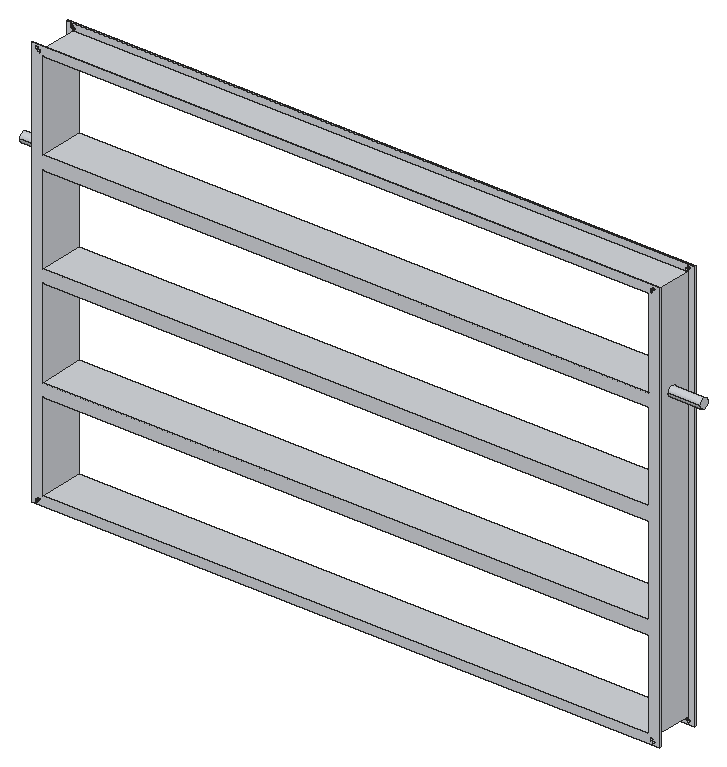
Revit family "21. Утепленная заслонка ANR K1U", category Оборудование, Revit 2016
Family settings
  Тип детали = Нормальный
  Размер круглого соединителя = Использовать диаметр
  На основе рабочей плоскости = Нет
  Всегда вертикально = Да
  При загрузке вырезать с полостями = Нет
  Общий = Нет
  Точка расчета площади = Нет
Parameters (values of type "ANR 35P2")
  №8 = no
  №7 = no
  №6 = no
  №35 = yes
  №30 = no
  №25 = no
  №20 = no
  №12 = no
  р = размер В * 0.258  # 387 mm
  пл = размер В / 10  # 150 mm
  Ширина лопатки = размер В * 0.225  # 337.5 mm
  Ширина = 2075 mm
  Середина = В1 / 2  # 782 mm
  Мощность, кВт = 12.8 W
  Д = 172 mm  # constant formula
  ножки(да/нет) [instance] = no
  Высота = 2410 mm
  В3 = размер В + 42 mm  # 1542 mm
  В2 = размер В + 26 mm  # 1526 mm
  Б2 = размер В - 60 mm  # 1440 mm
  В1 = размер В + 64 mm  # 1564 mm
  А3 = А + 42 mm  # 2342 mm
  А2 = А + 26 mm  # 2326 mm
  А1 = А + 84 mm  # 2384 mm
  А = 2300 mm
  размер В = 1500 mm
  Частотный преобразователь [instance] = no
  Частота вращения n, об/мин = ""
  Тип, марка, обозначение = "ANR 35P2"
  Сила тока J, А = ""
  Регулятор расхода [instance] = no
  Раздел = "ОВ"
  Примечание = ""
  Позиция = ""
  Напряжение U,В = "3-380"
  Наименование и тех.хар-ка = "Утепленная заслонка вертикальная"  # constant formula
  Материал = Сталь серая
  Масса единицы = ""
  Код, оборудования = ""
  Ключевая пометка = "Вентиляция"
  Задание электрикам [instance] = no
  Задание автоматчикам [instance] = no
  Завод изготовитель = "KORF"  # constant formula
  Единица измерения = "шт."  # constant formula
  d = А * 0.0154  # 35.42 mm
Reference planes
  plane 1 "По центру (Вперед/Назад)": y = 0
  plane 2: z = 0
  plane 3 "По центру (Влево/Вправо)": x = 0
  plane 4: x = -1192
  plane 5: x = 1192
  plane 6: y = 86
  plane 7: y = -86
  plane 8: z = 1564
  plane 9: z = 782
  plane 10: z = 1532
  plane 11: z = 32
  plane 12: x = -1150
  plane 13: x = 1150
  plane 14: x = -1163
  plane 15: x = 1163
  plane 16: z = 1545
  plane 17: z = 19
  plane 18: x = -1171
  plane 19: x = 1171
  plane 20: z = 1553
  plane 21: z = 11
  plane 22: x = 1292
  plane 23: x = -1292
  plane 24: z = 1169
  plane 25: z = 1145
  plane 26: z = 758
  plane 27: z = 371
Forms (mm)
  Extrusion 1, void, not visible
    sketch origin (-345, -245, 50) x (0, -1, 0) y (0, 0, -1)
      loop
        line (-477.965, -475) -> (-477.965, -450) -> (-528.913, -450) -> (-528.913, -475) -> (-477.965, -475)
    from -47.452 to 12
  Extrusion 2, solid, detail levels fine
    sketch origin (0, 0, 0) x (1, 0, 0) y (0, 1, 0)
      loop
        line (-1192, 86) -> (-1192, -86) -> (1192, -86) -> (1192, 86) -> (-1192, 86)
    from 0 to 1564
  Extrusion 3, void
    sketch origin (0, 0, 0) x (1, 0, 0) y (0, 0, 1)
      loop
        circle (-1163, 1545) r 6
      loop
        circle (1163, 1545) r 6
      loop
        circle (1163, 19) r 6
      loop
        circle (-1163, 19) r 6
    from -86 to 86
  Sweep 4, void, detail levels fine
    path in 3D
      loop
        line (1192, -86, 1564) -> (1192, -86, 0) -> (-1192, -86, 0) -> (-1192, -86, 1564) -> (1192, -86, 1564)
    profile origin (0, -86, 1564) x (0, 1, 0) y (0, 0, 1)
      loop
        line (5.122, 0) -> (5.122, -25) -> (166.372, -25) -> (166.372, 0) -> (5.122, 0)
  Extrusion 5, void
    sketch origin (0, 0, 0) x (1, 0, 0) y (0, 0, 1)
      loop
        circle (1171, 11) r 6
      loop
        circle (1171, 1553) r 6
      loop
        circle (-1171, 1553) r 6
      loop
        circle (-1171, 11) r 6
    from -86 to 86
  Extrusion 6, solid, detail levels fine
    sketch origin (0, 0, 0) x (0, 1, 0) y (0, 0, 1)
      loop
        circle (0, 1169) r 17.71
    from -1292 to 1292
  Extrusion 7, void
    sketch origin (0, 0, 102.344) x (1, 0, 0) y (0, 0, 1)
      loop
        line (-1150, 1429.656) -> (-1150, 1092.156) -> (1150, 1092.156) -> (1150, 1429.656) -> (-1150, 1429.656)
    from -86 to 86
  Extrusion 8, void
    sketch origin (0.2, 0, -21.606) x (1, 0, 0) y (0, 0, 1)
      loop
        line (-1150, 1166.606) -> (-1150, 829.106) -> (1150, 829.106) -> (1150, 1166.606) -> (-1150, 1166.606)
    from -86 to 86
  Extrusion 9, void
    sketch origin (0.4, 0, -147.744) x (1, 0, 0) y (0, 0, 1)
      loop
        line (-1150, 905.744) -> (-1150, 568.244) -> (1150, 568.244) -> (1150, 905.744) -> (-1150, 905.744)
    from -86 to 86
  Extrusion 10, void
    sketch origin (0.6, 0, -277.475) x (1, 0, 0) y (0, 0, 1)
      loop
        line (-1150, 648.475) -> (-1150, 310.975) -> (1150, 310.975) -> (1150, 648.475) -> (-1150, 648.475)
    from -86 to 86
Cuts and joins
  Extrusion 3, Sweep 4, Extrusion 5, Extrusion 7, Extrusion 8, Extrusion 9, Extrusion 10 cuts Extrusion 2
  Extrusion 7, Extrusion 8, Extrusion 9, Extrusion 10 cuts Extrusion 6
  joined: Extrusion 2, Extrusion 6
Lines and regions (mm)
  sketch lines
    curve 1: line (-1192, -86, 1564) -> (1192, -86, 1564)
    curve 2: line (1192, -86, 1564) -> (1192, -86, 0)
    curve 3: line (1192, -86, 0) -> (-1192, -86, 0)
    curve 4: line (-1192, -86, 1564) -> (-1192, -86, 0)
  model lines, detail levels coarse
    curve 5: line (-1192, 86, 0) -> (1192, 86, 0)
    curve 6: line (-1192, -86, 0) -> (-1192, 86, 0)
    curve 7: line (1192, -86, 0) -> (-1192, -86, 0)
    curve 8: line (1192, 86, 0) -> (1192, -86, 0)
    curve 9: circle (0, 0, 0) r 45 normal (0, 0, 1)
    curve 10: line (53.033, 53.033, 0) -> (-56.569, -56.569, 0)
    curve 11: circle (-200, 0, 0) r 45 normal (0, 0, 1)
    curve 12: line (-146.967, 53.033, 0) -> (-256.569, -56.569, 0)
    curve 13: circle (-400, 0, 0) r 45 normal (0, 0, 1)
    curve 14: line (-346.967, 53.033, 0) -> (-456.569, -56.569, 0)
    curve 15: circle (200, 0, 0) r 45 normal (0, 0, 1)
    curve 16: line (253.033, 53.033, 0) -> (143.431, -56.569, 0)
    curve 17: circle (400, 0, 0) r 45 normal (0, 0, 1)
    curve 18: line (453.033, 53.033, 0) -> (343.431, -56.569, 0)
  model lines, not visible, detail levels coarse
    curve 19: circle (0, 0, 0) r 45 normal (0, 0, 1)
    curve 20: line (53.033, 53.033, 0) -> (-56.569, -56.569, 0)
    curve 21: circle (-200, 0, 0) r 45 normal (0, 0, 1)
    curve 22: line (-146.967, 53.033, 0) -> (-256.569, -56.569, 0)
    curve 23: circle (-400, 0, 0) r 45 normal (0, 0, 1)
    curve 24: line (-346.967, 53.033, 0) -> (-456.569, -56.569, 0)
    curve 25: circle (200, 0, 0) r 45 normal (0, 0, 1)
    curve 26: line (253.033, 53.033, 0) -> (143.431, -56.569, 0)
    curve 27: circle (400, 0, 0) r 45 normal (0, 0, 1)
    curve 28: line (453.033, 53.033, 0) -> (343.431, -56.569, 0)
Dimensions and locks
  equal spacing: plane 4, plane 3 "По центру (Влево/Вправо)", plane 5
  "А1": plane 4 to plane 5
  equal spacing: plane 6, plane 1 "По центру (Вперед/Назад)", plane 7
  "Д": plane 6 to plane 7
  "В1": plane 8 to level
  "Середина": plane 9 to level
  equal spacing: plane 10, plane 9, plane 11
  "размер В": plane 10 to plane 11
  equal spacing: plane 13, plane 3 "По центру (Влево/Вправо)", plane 12
  "А": plane 13 to plane 12
  equal spacing: plane 16, plane 9, plane 17
  "В2": plane 16 to plane 17
  equal spacing: plane 15, plane 3 "По центру (Влево/Вправо)", plane 14
  "А2": plane 15 to plane 14
  equal spacing: plane 19, plane 3 "По центру (Влево/Вправо)", plane 18
  "А3": plane 19 to plane 18
  equal spacing: plane 20, plane 9, plane 21
  "В3": plane 20 to plane 21
  locked: plane 22 to plane 5 at 100
  locked: plane 4 to plane 23 at 100
  "р": plane 24 to plane 9
  "Ширина лопатки": Extrusion 7 sketch curve to Extrusion 7 sketch curve
  "Ширина лопатки": Extrusion 8 sketch curve to Extrusion 8 sketch curve
  "Ширина лопатки": Extrusion 9 sketch curve to Extrusion 9 sketch curve
  "Ширина лопатки": Extrusion 10 sketch curve to Extrusion 10 sketch curve
  "р": plane 10 to plane 25
  "р": plane 25 to plane 26
  "р": plane 26 to plane 27
  plane 8 to level = 1564 mm
  "d": diameter of Extrusion 6 sketch curve
  aligned and locked: level to plane 2
  aligned and locked: plane 6 to Extrusion 2
  aligned and locked: Extrusion 2 to plane 7
  aligned and locked: Extrusion 2 to plane 4
  aligned and locked: plane 5 to Extrusion 2
  aligned and locked: Extrusion 2 to plane 8
  aligned and locked: cut or joined group 1 (Extrusion 2, Extrusion 3, Sweep 4, Extrusion 5, Extrusion 6, Extrusion 7, Extrusion 8, Extrusion 9, Extrusion 10) to plane 7  (x3)
  aligned and locked: plane 6 to cut or joined group 1  (x3)
  aligned and locked: Extrusion 5 to plane 7
  aligned and locked: plane 6 to Extrusion 5
  aligned and locked: plane 22 to Extrusion 6
  aligned and locked: Extrusion 6 to plane 23
  aligned and locked: cut or joined group 1 to plane 10
  aligned and locked: cut or joined group 1 to plane 12
  aligned and locked: plane 13 to cut or joined group 1
  aligned and locked: cut or joined group 1 to plane 26
  aligned and locked: cut or joined group 1 to plane 25
  aligned and locked: cut or joined group 1 to plane 27
  aligned and locked: curve 5 to cut or joined group 1
  aligned and locked: curve 6 to cut or joined group 1
  aligned and locked: curve 7 to cut or joined group 1
  aligned and locked: curve 8 to cut or joined group 1
  aligned and locked: plane 7 to nested 2
  aligned and locked: level to nested 2
  aligned and locked: plane 7 to nested 3
  aligned and locked: level to nested 3
  aligned and locked: plane 3 "По центру (Влево/Вправо)" to nested 3
  aligned and locked: plane 3 "По центру (Влево/Вправо)" to nested 2
  aligned and locked: plane 7 to nested 4
  aligned and locked: level to nested 4
  aligned and locked: plane 3 "По центру (Влево/Вправо)" to nested 4
  aligned and locked: plane 7 to nested 5
  aligned and locked: level to nested 5
  aligned and locked: plane 3 "По центру (Влево/Вправо)" to nested 5
  aligned and locked: plane 7 to nested 6
  aligned and locked: level to nested 6
  aligned and locked: plane 3 "По центру (Влево/Вправо)" to nested 6
  aligned and locked: plane 7 to nested 7
  aligned and locked: level to nested 7
  aligned and locked: plane 3 "По центру (Влево/Вправо)" to nested 7
  aligned and locked: plane 7 to nested 8
  aligned and locked: level to nested 8
  aligned and locked: plane 7 to nested 9
  aligned and locked: level to nested 9
  aligned and locked: plane 3 "По центру (Влево/Вправо)" to nested 9
  aligned and locked: plane 3 "По центру (Влево/Вправо)" to nested 8
Automatic sketch dimensions
  Extrusion 1 sketch curve to Extrusion 1 sketch curve = 50.949 mm
  Extrusion 1 sketch curve to Extrusion 1 sketch curve = 25 mm
  Extrusion 3 sketch curve to plane 14 = 0 mm  (x2)
  Extrusion 3 sketch curve to plane 15 = 0 mm  (x2)
  Extrusion 3 sketch curve to plane 17 = 0 mm  (x2)
  Extrusion 3 sketch curve to plane 16 = 0 mm  (x2)
  Extrusion 5 sketch curve to plane 18 = 0 mm  (x2)
  Extrusion 5 sketch curve to plane 19 = 0 mm  (x2)
  Extrusion 5 sketch curve to plane 21 = 0 mm  (x2)
  Extrusion 5 sketch curve to plane 20 = 0 mm  (x2)
  Extrusion 2 sketch curve to plane 4 = 0 mm
  Extrusion 2 sketch curve to plane 5 = 0 mm
  Extrusion 2 sketch curve to plane 7 = 0 mm
  Extrusion 2 sketch curve to plane 6 = 0 mm
  Sweep 4 sketch curve to profile plane = 0 mm
  Sweep 4 sketch curve to profile plane = 5.122 mm
  Sweep 4 sketch curve to profile plane = 25 mm
  Sweep 4 sketch curve to Sweep 4 sketch curve = 161.25 mm
  Extrusion 6 sketch curve to plane 1 "По центру (Вперед/Назад)" = 0 mm
  Extrusion 6 sketch curve to plane 24 = 0 mm
  Extrusion 7 sketch curve to plane 12 = 0 mm
  Extrusion 7 sketch curve to plane 13 = 0 mm
  Extrusion 7 sketch curve to plane 10 = 0 mm
  Extrusion 8 sketch curve to plane 25 = 0 mm
  plane 12 to Extrusion 8 sketch curve = 0.2 mm
  plane 13 to Extrusion 8 sketch curve = 0.2 mm
  Extrusion 9 sketch curve to plane 26 = 0 mm
  plane 12 to Extrusion 9 sketch curve = 0.4 mm
  plane 13 to Extrusion 9 sketch curve = 0.4 mm
  Extrusion 10 sketch curve to plane 27 = 0 mm
  plane 12 to Extrusion 10 sketch curve = 0.6 mm
  plane 13 to Extrusion 10 sketch curve = 0.6 mm
  radius of Extrusion 3 sketch curve = 6 mm  (x4)
  radius of Extrusion 5 sketch curve = 6 mm  (x4)
Nested families
  nested 1: "крепление 15мм" at (-330, 229.965, 495), type "крепление 15мм", not visible
  nested 2: "УГО заслонка №6 (разрез)" at (0, 0, 0) x (0, 1, 0) z (0, 0, 1), visible <- "№6", высота <- "В1", длина <- "Д", type "УГО заслонка №6 (разрез)", detail levels medium
    with длина 172 mm, высота 1564 mm, Ширина 0 mm
  nested 3: "УГО заслонка №7 (разрез)" at (0, 0, 0) x (0, 1, 0) z (0, 0, 1), visible <- "№7", высота <- "В1", длина <- "Д", type "УГО заслонка №7 (разрез)", detail levels medium
    with длина 172 mm, высота 1564 mm, Ширина 0 mm
  nested 4: "УГО заслонка №8 (разрез)" at (0, 0, 0) x (0, 1, 0) z (0, 0, 1), visible <- "№8", высота <- "В1", длина <- "Д", type "УГО заслонка №8 (разрез)", detail levels medium
    with длина 172 mm, высота 1564 mm, Ширина 0 mm
  nested 5: "УГО заслонка №12 (разрез)" at (0, 0, 0) x (0, 1, 0) z (0, 0, 1), visible <- "№12", высота <- "В1", длина <- "Д", type "УГО заслонка №12 (разрез)", detail levels medium
    with длина 172 mm, высота 1564 mm, Ширина 0 mm
  nested 6: "УГО заслонка №20 (разрез)" at (0, 0, 0) x (0, 1, 0) z (0, 0, 1), visible <- "№20", высота <- "В1", длина <- "Д", type "УГО заслонка №20 (разрез)", detail levels medium
    with длина 172 mm, высота 1564 mm, Ширина 0 mm
  nested 7: "УГО заслонка №25 (разрез)" at (0, 0, 0) x (0, 1, 0) z (0, 0, 1), длина <- "Д", высота <- "В1", visible <- "№25", type "УГО заслонка №25 (разрез)", detail levels medium
    with длина 172 mm, высота 1564 mm, Ширина 0 mm
  nested 8: "УГО заслонка №30 (разрез)" at (0, 0, 0) x (0, 1, 0) z (0, 0, 1), visible <- "№30", высота <- "В1", длина <- "Д", type "УГО заслонка №30 (разрез)", detail levels medium
    with длина 172 mm, высота 1564 mm, Ширина 0 mm
  nested 9: "УГО заслонка №35 (разрез)" at (0, 0, 0) x (0, 1, 0) z (0, 0, 1), visible <- "№35", высота <- "В1", длина <- "Д", type "УГО заслонка №35 (разрез)", detail levels medium
    with длина 172 mm, высота 1564 mm, Ширина 0 mm
Connectors
  hvac at (0, -86, 782), driven by "размер В", driven by "А"
    settings: on cut or joined group 1, index 1, duct flow 0.0 L/s, flow factor 0, pres drop 0.0 Pa, loss coef 0, conn angle 0.00°, conn width 2300 mm, conn height 1500 mm, conn diameter 609.6 mm, duct sys type 28, conn prof type 1, flow config 0, flow direction 0, loss method 0, conn ref index 2, conn util no, is conn primary yes, conn desc ""
  hvac at (0, 86, 782), driven by "размер В", driven by "А"
    settings: on cut or joined group 1, index 2, duct flow 0.0 L/s, flow factor 0, pres drop 0.0 Pa, loss coef 0, conn angle 0.00°, conn width 2300 mm, conn height 1500 mm, conn diameter 609.6 mm, duct sys type 28, conn prof type 1, flow config 0, flow direction 0, loss method 0, conn ref index 1, conn util no, is conn primary no, conn desc ""
Definition of nested family "крепление 15мм"
  Parameters (values of type "крепление 15мм")
    Материал крепления = none
  Reference planes
    plane 1 "По центру (Вперед/Назад)": y = 0
    plane 2: z = 0
    plane 3 "По центру (Влево/Вправо)": x = 0
  Forms (mm)
    Extrusion 1, solid, material <- "Материал крепления"
      sketch origin (0, 0, 0) x (1, 0, 0) y (0, 1, 0)
        loop
          line (-25, 0) -> (0, 0) -> (0, 18.31) -> (0, 25) -> (-3, 25) -> (-3, 3) -> (-25, 3) -> (-25, 0)
      from 0 to 30
    Extrusion 2, void
      sketch origin (0, 0, 0) x (1, 0, 0) y (0, 1, 0)
        loop
          line (-3, 3) -> (-3, 54.96) -> (-58, 54.96) -> (-58, 3) -> (-3, 3)
      from 0 to 15
  Cuts and joins
    Extrusion 2 cuts Extrusion 1
  Dimensions and locks
    Extrusion 1 sketch curve to Extrusion 1 sketch curve = 3 mm  (x2)
    Extrusion 1 sketch curve to Extrusion 1 sketch curve to plane 3 "По центру (Влево/Вправо)" = 25 mm, 0 mm
    Extrusion 1 sketch curve to Extrusion 1 sketch curve = 25 mm
    aligned and locked: level to plane 2
Definition of nested family "УГО заслонка №6 (разрез)"
  Parameters (values of type "УГО заслонка №6 (разрез)")
    длина [instance] = 125 mm
    высота [instance] = 500 mm
    Ширина [instance] = 410 mm
    Частота вращения n, об/мин = ""
    Тип, марка, обозначение = ""
    Сила тока J, А = ""
    Раздел = ""
    Примечание = ""
    Позиция = ""
    Default Elevation = 1219.2 mm
    Напряжение U,В = ""
    Наименование и тех.хар-ка = ""
    Мощность двигателя N,Вт = ""
    Материал = none
    Масса единицы = ""
    Код, оборудования = ""
    Keynote = ""
    Завод изготовитель = ""
    Единица измерения = ""
    Диаметр = 110 mm
  Reference planes
    plane 1 "По центру (Вперед/Назад)": y = 0
    plane 2: z = 0
    plane 3 "По центру (Влево/Вправо)": x = 0
    plane 4: z = 500
    plane 5: x = 62.5
    plane 6: x = -62.5
    plane 7: z = 250
  Lines and regions (mm)
    model lines
      curve 1: line (-62.5, 0, 0) -> (62.5, 0, 0)
      curve 2: line (-62.5, 0, 500) -> (-62.5, 0, 0)
      curve 3: line (62.5, 0, 500) -> (-62.5, 0, 500)
      curve 4: line (62.5, 0, 0) -> (62.5, 0, 500)
      curve 21: circle (0, 0, 250) r 25 normal (0, -1, 0)
      curve 22: line (31.82, 0, 281.82) -> (-31.82, 0, 218.18)
      curve 23: circle (0, 0, 352.5) r 25 normal (0, -1, 0)
      curve 24: line (31.82, 0, 384.32) -> (-31.82, 0, 320.68)
      curve 25: circle (0, 0, 450) r 25 normal (0, -1, 0)
      curve 26: line (31.82, 0, 481.82) -> (-31.82, 0, 418.18)
      curve 27: circle (0, 0, 50.755) r 25 normal (0, -1, 0)
      curve 28: line (31.82, 0, 82.575) -> (-31.82, 0, 18.935)
      curve 29: circle (0, 0, 148.255) r 25 normal (0, -1, 0)
      curve 30: line (31.82, 0, 180.075) -> (-31.82, 0, 116.435)
    model lines, not visible
      curve 5: line (63.964, 0, 624.61) -> (63.964, 0, 608.219)
      curve 6: line (63.964, 0, 608.219) -> (-88.681, 0, 555.659)
      curve 7: line (-88.681, 0, 555.659) -> (-88.681, 0, 524.267)
      curve 8: line (63.964, 0, 471.707) -> (-88.681, 0, 524.267)
      curve 9: line (63.964, 0, 471.707) -> (63.964, 0, 455.315)
      curve 10: line (63.964, 0, 455.315) -> (-88.681, 0, 402.755)
      curve 11: line (-88.681, 0, 402.755) -> (-88.681, 0, 371.363)
      curve 12: line (63.964, 0, 318.804) -> (-88.681, 0, 371.363)
      curve 13: line (63.964, 0, 318.804) -> (63.964, 0, 302.412)
      curve 14: line (63.964, 0, 302.412) -> (-88.681, 0, 249.852)
      curve 15: line (-88.681, 0, 249.852) -> (-88.681, 0, 218.46)
      curve 16: line (63.964, 0, 165.9) -> (-88.681, 0, 218.46)
      curve 17: line (63.964, 0, 165.9) -> (63.964, 0, 149.508)
      curve 18: line (63.964, 0, 149.508) -> (-88.681, 0, 96.948)
      curve 19: line (-88.681, 0, 96.948) -> (-88.681, 0, 65.557)
      curve 20: line (63.964, 0, 12.997) -> (-88.681, 0, 65.557)
      curve 31: circle (0, 0, 250) r 25 normal (0, -1, 0)
      curve 32: line (31.82, 0, 281.82) -> (-31.82, 0, 218.18)
      curve 33: circle (0, 0, 352.5) r 25 normal (0, -1, 0)
      curve 34: line (31.82, 0, 384.32) -> (-31.82, 0, 320.68)
      curve 35: circle (0, 0, 450) r 25 normal (0, -1, 0)
      curve 36: line (31.82, 0, 481.82) -> (-31.82, 0, 418.18)
      curve 37: circle (0, 0, 50.755) r 25 normal (0, -1, 0)
      curve 38: line (31.82, 0, 82.575) -> (-31.82, 0, 18.935)
      curve 39: circle (0, 0, 148.255) r 25 normal (0, -1, 0)
      curve 40: line (31.82, 0, 180.075) -> (-31.82, 0, 116.435)
  Dimensions and locks
    equal spacing: plane 5, plane 3 "По центру (Влево/Вправо)", plane 6
    "длина": plane 5 to plane 6
    "высота": plane 4 to level
    equal spacing: plane 4, plane 7, plane 2
    aligned and locked: level to plane 2
  Automatic sketch dimensions
    curve 3 to plane 4 = 0 mm
    curve 3 to plane 6 = 0 mm
    curve 4 to level = 0 mm
    curve 4 to plane 5 = 0 mm
Definition of nested family "УГО заслонка №7 (разрез)"
  Parameters (values of type "УГО заслонка №7 (разрез)")
    длина [instance] = 125 mm
    высота [instance] = 700 mm
    Ширина [instance] = 410 mm
    Частота вращения n, об/мин = ""
    Тип, марка, обозначение = ""
    Сила тока J, А = ""
    Раздел = ""
    Примечание = ""
    Позиция = ""
    Default Elevation = 1219.2 mm
    Напряжение U,В = ""
    Наименование и тех.хар-ка = ""
    Мощность двигателя N,Вт = ""
    Материал = none
    Масса единицы = ""
    Код, оборудования = ""
    Keynote = ""
    Завод изготовитель = ""
    Единица измерения = ""
    Диаметр = 110 mm
  Reference planes
    plane 1 "По центру (Вперед/Назад)": y = 0
    plane 2: z = 0
    plane 3 "По центру (Влево/Вправо)": x = 0
    plane 4: z = 700
    plane 5: x = 62.5
    plane 6: x = -62.5
    plane 7: z = 350
  Lines and regions (mm)
    model lines
      curve 1: line (-62.5, 0, 0) -> (62.5, 0, 0)
      curve 2: line (-62.5, 0, 700) -> (-62.5, 0, 0)
      curve 3: line (62.5, 0, 700) -> (-62.5, 0, 700)
      curve 4: line (62.5, 0, 0) -> (62.5, 0, 700)
      curve 21: circle (0, 0, 350) r 25 normal (0, -1, 0)
      curve 22: line (31.82, 0, 381.82) -> (-31.82, 0, 318.18)
      curve 23: circle (0, 0, 452.5) r 25 normal (0, -1, 0)
      curve 24: line (31.82, 0, 484.32) -> (-31.82, 0, 420.68)
      curve 25: circle (0, 0, 650) r 25 normal (0, -1, 0)
      curve 26: line (31.82, 0, 681.82) -> (-31.82, 0, 618.18)
      curve 27: circle (0, 0, 50.755) r 25 normal (0, -1, 0)
      curve 28: line (31.82, 0, 82.575) -> (-31.82, 0, 18.935)
      curve 29: circle (0, 0, 248.255) r 25 normal (0, -1, 0)
      curve 30: line (31.82, 0, 280.075) -> (-31.82, 0, 216.435)
      curve 31: circle (0, 0, 555) r 25 normal (0, -1, 0)
      curve 32: line (31.82, 0, 586.82) -> (-31.82, 0, 523.18)
      curve 33: circle (0, 0, 146.51) r 25 normal (0, -1, 0)
      curve 34: line (31.82, 0, 178.329) -> (-31.82, 0, 114.69)
    model lines, not visible
      curve 5: line (63.964, 0, 624.61) -> (63.964, 0, 608.219)
      curve 6: line (63.964, 0, 608.219) -> (-88.681, 0, 555.659)
      curve 7: line (-88.681, 0, 555.659) -> (-88.681, 0, 524.267)
      curve 8: line (63.964, 0, 471.707) -> (-88.681, 0, 524.267)
      curve 9: line (63.964, 0, 471.707) -> (63.964, 0, 455.315)
      curve 10: line (63.964, 0, 455.315) -> (-88.681, 0, 402.755)
      curve 11: line (-88.681, 0, 402.755) -> (-88.681, 0, 371.363)
      curve 12: line (63.964, 0, 318.804) -> (-88.681, 0, 371.363)
      curve 13: line (63.964, 0, 318.804) -> (63.964, 0, 302.412)
      curve 14: line (63.964, 0, 302.412) -> (-88.681, 0, 249.852)
      curve 15: line (-88.681, 0, 249.852) -> (-88.681, 0, 218.46)
      curve 16: line (63.964, 0, 165.9) -> (-88.681, 0, 218.46)
      curve 17: line (63.964, 0, 165.9) -> (63.964, 0, 149.508)
      curve 18: line (63.964, 0, 149.508) -> (-88.681, 0, 96.948)
      curve 19: line (-88.681, 0, 96.948) -> (-88.681, 0, 65.557)
      curve 20: line (63.964, 0, 12.997) -> (-88.681, 0, 65.557)
      curve 35: circle (0, 0, 350) r 25 normal (0, -1, 0)
      curve 36: line (31.82, 0, 381.82) -> (-31.82, 0, 318.18)
      curve 37: circle (0, 0, 452.5) r 25 normal (0, -1, 0)
      curve 38: line (31.82, 0, 484.32) -> (-31.82, 0, 420.68)
      curve 39: circle (0, 0, 650) r 25 normal (0, -1, 0)
      curve 40: line (31.82, 0, 681.82) -> (-31.82, 0, 618.18)
      curve 41: circle (0, 0, 50.755) r 25 normal (0, -1, 0)
      curve 42: line (31.82, 0, 82.575) -> (-31.82, 0, 18.935)
      curve 43: circle (0, 0, 248.255) r 25 normal (0, -1, 0)
      curve 44: line (31.82, 0, 280.075) -> (-31.82, 0, 216.435)
      curve 45: circle (0, 0, 555) r 25 normal (0, -1, 0)
      curve 46: line (31.82, 0, 586.82) -> (-31.82, 0, 523.18)
      curve 47: circle (0, 0, 146.51) r 25 normal (0, -1, 0)
      curve 48: line (31.82, 0, 178.329) -> (-31.82, 0, 114.69)
  Dimensions and locks
    equal spacing: plane 5, plane 3 "По центру (Влево/Вправо)", plane 6
    "длина": plane 5 to plane 6
    "высота": plane 4 to level
    equal spacing: plane 4, plane 7, plane 2
    aligned and locked: level to plane 2
  Automatic sketch dimensions
    curve 3 to plane 4 = 0 mm
    curve 3 to plane 6 = 0 mm
    curve 3 to plane 5 = 0 mm
    curve 1 to level = 0 mm
Definition of nested family "УГО заслонка №8 (разрез)"
  Parameters (values of type "УГО заслонка №8 (разрез)")
    длина [instance] = 125 mm
    высота [instance] = 740 mm
    Ширина [instance] = 410 mm
    Частота вращения n, об/мин = ""
    Тип, марка, обозначение = ""
    Сила тока J, А = ""
    Раздел = ""
    Примечание = ""
    Позиция = ""
    Default Elevation = 1219.2 mm
    Напряжение U,В = ""
    Наименование и тех.хар-ка = ""
    Мощность двигателя N,Вт = ""
    Материал = none
    Масса единицы = ""
    Код, оборудования = ""
    Keynote = ""
    Завод изготовитель = ""
    Единица измерения = ""
    Диаметр = 110 mm
  Reference planes
    plane 1 "По центру (Вперед/Назад)": y = 0
    plane 2: z = 0
    plane 3 "По центру (Влево/Вправо)": x = 0
    plane 4: z = 740
    plane 5: x = 62.5
    plane 6: x = -62.5
    plane 7: z = 370
  Lines and regions (mm)
    model lines
      curve 1: line (-62.5, 0, 0) -> (62.5, 0, 0)
      curve 2: line (-62.5, 0, 740) -> (-62.5, 0, 0)
      curve 3: line (62.5, 0, 740) -> (-62.5, 0, 740)
      curve 4: line (62.5, 0, 0) -> (62.5, 0, 740)
      curve 21: circle (0, 0, 370) r 25 normal (0, -1, 0)
      curve 22: line (31.82, 0, 401.82) -> (-31.82, 0, 338.18)
      curve 23: circle (0, 0, 50.755) r 25 normal (0, -1, 0)
      curve 24: line (31.82, 0, 82.575) -> (-31.82, 0, 18.935)
      curve 25: circle (0, 0, 268.255) r 25 normal (0, -1, 0)
      curve 26: line (31.82, 0, 300.075) -> (-31.82, 0, 236.435)
      curve 27: circle (0, 0, 156.51) r 25 normal (0, -1, 0)
      curve 28: line (31.82, 0, 188.329) -> (-31.82, 0, 124.69)
      curve 29: circle (0, 0, 689.245) r 25 normal (0, 1, 0)
      curve 30: circle (0, 0, 471.745) r 25 normal (0, 1, 0)
      curve 31: circle (0, 0, 583.49) r 25 normal (0, 1, 0)
      curve 32: line (31.82, 0, 503.565) -> (-31.82, 0, 439.925)
      curve 33: line (31.82, 0, 615.31) -> (-31.82, 0, 551.671)
      curve 34: line (31.82, 0, 721.065) -> (-31.82, 0, 657.425)
    model lines, not visible
      curve 5: line (63.964, 0, 624.61) -> (63.964, 0, 608.219)
      curve 6: line (63.964, 0, 608.219) -> (-88.681, 0, 555.659)
      curve 7: line (-88.681, 0, 555.659) -> (-88.681, 0, 524.267)
      curve 8: line (63.964, 0, 471.707) -> (-88.681, 0, 524.267)
      curve 9: line (63.964, 0, 471.707) -> (63.964, 0, 455.315)
      curve 10: line (63.964, 0, 455.315) -> (-88.681, 0, 402.755)
      curve 11: line (-88.681, 0, 402.755) -> (-88.681, 0, 371.363)
      curve 12: line (63.964, 0, 318.804) -> (-88.681, 0, 371.363)
      curve 13: line (63.964, 0, 318.804) -> (63.964, 0, 302.412)
      curve 14: line (63.964, 0, 302.412) -> (-88.681, 0, 249.852)
      curve 15: line (-88.681, 0, 249.852) -> (-88.681, 0, 218.46)
      curve 16: line (63.964, 0, 165.9) -> (-88.681, 0, 218.46)
      curve 17: line (63.964, 0, 165.9) -> (63.964, 0, 149.508)
      curve 18: line (63.964, 0, 149.508) -> (-88.681, 0, 96.948)
      curve 19: line (-88.681, 0, 96.948) -> (-88.681, 0, 65.557)
      curve 20: line (63.964, 0, 12.997) -> (-88.681, 0, 65.557)
      curve 35: circle (0, 0, 370) r 25 normal (0, -1, 0)
      curve 36: line (31.82, 0, 401.82) -> (-31.82, 0, 338.18)
      curve 37: circle (0, 0, 50.755) r 25 normal (0, -1, 0)
      curve 38: line (31.82, 0, 82.575) -> (-31.82, 0, 18.935)
      curve 39: circle (0, 0, 268.255) r 25 normal (0, -1, 0)
      curve 40: line (31.82, 0, 300.075) -> (-31.82, 0, 236.435)
      curve 41: circle (0, 0, 156.51) r 25 normal (0, -1, 0)
      curve 42: line (31.82, 0, 188.329) -> (-31.82, 0, 124.69)
      curve 43: circle (0, 0, 689.245) r 25 normal (0, 1, 0)
      curve 44: circle (0, 0, 471.745) r 25 normal (0, 1, 0)
      curve 45: circle (0, 0, 583.49) r 25 normal (0, 1, 0)
      curve 46: line (31.82, 0, 503.565) -> (-31.82, 0, 439.925)
      curve 47: line (31.82, 0, 615.31) -> (-31.82, 0, 551.671)
      curve 48: line (31.82, 0, 721.065) -> (-31.82, 0, 657.425)
  Dimensions and locks
    equal spacing: plane 5, plane 3 "По центру (Влево/Вправо)", plane 6
    "длина": plane 5 to plane 6
    "высота": plane 4 to level
    equal spacing: plane 4, plane 7, plane 2
    aligned and locked: level to plane 2
  Automatic sketch dimensions
    curve 3 to plane 4 = 0 mm
    curve 3 to plane 6 = 0 mm
    curve 1 to level = 0 mm
    curve 1 to plane 5 = 0 mm
Definition of nested family "УГО заслонка №12 (разрез)"
  Parameters (values of type "УГО заслонка №12 (разрез)")
    длина [instance] = 125 mm
    высота [instance] = 840 mm
    Ширина [instance] = 410 mm
    Частота вращения n, об/мин = ""
    Тип, марка, обозначение = ""
    Сила тока J, А = ""
    Раздел = ""
    Примечание = ""
    Позиция = ""
    Default Elevation = 1219.2 mm
    Напряжение U,В = ""
    Наименование и тех.хар-ка = ""
    Мощность двигателя N,Вт = ""
    Материал = none
    Масса единицы = ""
    Код, оборудования = ""
    Keynote = ""
    Завод изготовитель = ""
    Единица измерения = ""
    Диаметр = 110 mm
  Reference planes
    plane 1 "По центру (Вперед/Назад)": y = 0
    plane 2: z = 0
    plane 3 "По центру (Влево/Вправо)": x = 0
    plane 4: z = 840
    plane 5: x = 62.5
    plane 6: x = -62.5
    plane 7: z = 420
  Lines and regions (mm)
    model lines
      curve 1: line (-62.5, 0, 0) -> (62.5, 0, 0)
      curve 2: line (-62.5, 0, 840) -> (-62.5, 0, 0)
      curve 3: line (62.5, 0, 840) -> (-62.5, 0, 840)
      curve 4: line (62.5, 0, 0) -> (62.5, 0, 840)
      curve 21: circle (0, 0, 420) r 25 normal (0, -1, 0)
      curve 22: line (31.82, 0, 451.82) -> (-31.82, 0, 388.18)
      curve 23: circle (0, 0, 769.245) r 25 normal (0, 1, 0)
      curve 24: circle (0, 0, 536.745) r 25 normal (0, 1, 0)
      curve 25: circle (0, 0, 658.49) r 25 normal (0, 1, 0)
      curve 26: line (31.82, 0, 568.565) -> (-31.82, 0, 504.925)
      curve 27: line (31.82, 0, 690.31) -> (-31.82, 0, 626.671)
      curve 28: line (31.82, 0, 801.065) -> (-31.82, 0, 737.425)
      curve 29: circle (0, 0, 298.255) r 25 normal (0, 1, 0)
      curve 30: line (31.82, 0, 330.075) -> (-31.82, 0, 266.435)
      curve 31: circle (0, 0, 176.51) r 25 normal (0, 1, 0)
      curve 32: line (31.82, 0, 208.329) -> (-31.82, 0, 144.69)
      curve 33: circle (0, 0, 67.264) r 25 normal (0, 1, 0)
      curve 34: line (31.82, 0, 99.084) -> (-31.82, 0, 35.445)
    model lines, not visible
      curve 5: line (63.964, 0, 624.61) -> (63.964, 0, 608.219)
      curve 6: line (63.964, 0, 608.219) -> (-88.681, 0, 555.659)
      curve 7: line (-88.681, 0, 555.659) -> (-88.681, 0, 524.267)
      curve 8: line (63.964, 0, 471.707) -> (-88.681, 0, 524.267)
      curve 9: line (63.964, 0, 471.707) -> (63.964, 0, 455.315)
      curve 10: line (63.964, 0, 455.315) -> (-88.681, 0, 402.755)
      curve 11: line (-88.681, 0, 402.755) -> (-88.681, 0, 371.363)
      curve 12: line (63.964, 0, 318.804) -> (-88.681, 0, 371.363)
      curve 13: line (63.964, 0, 318.804) -> (63.964, 0, 302.412)
      curve 14: line (63.964, 0, 302.412) -> (-88.681, 0, 249.852)
      curve 15: line (-88.681, 0, 249.852) -> (-88.681, 0, 218.46)
      curve 16: line (63.964, 0, 165.9) -> (-88.681, 0, 218.46)
      curve 17: line (63.964, 0, 165.9) -> (63.964, 0, 149.508)
      curve 18: line (63.964, 0, 149.508) -> (-88.681, 0, 96.948)
      curve 19: line (-88.681, 0, 96.948) -> (-88.681, 0, 65.557)
      curve 20: line (63.964, 0, 12.997) -> (-88.681, 0, 65.557)
      curve 35: circle (0, 0, 420) r 25 normal (0, -1, 0)
      curve 36: line (31.82, 0, 451.82) -> (-31.82, 0, 388.18)
      curve 37: circle (0, 0, 789.245) r 25 normal (0, 1, 0)
      curve 38: circle (0, 0, 536.745) r 25 normal (0, 1, 0)
      curve 39: circle (0, 0, 658.49) r 25 normal (0, 1, 0)
      curve 40: line (31.82, 0, 568.565) -> (-31.82, 0, 504.925)
      curve 41: line (31.82, 0, 690.31) -> (-31.82, 0, 626.671)
      curve 42: line (31.82, 0, 821.065) -> (-31.82, 0, 757.425)
      curve 43: circle (0, 0, 298.255) r 25 normal (0, 1, 0)
      curve 44: line (31.82, 0, 330.075) -> (-31.82, 0, 266.435)
      curve 45: circle (0, 0, 176.51) r 25 normal (0, 1, 0)
      curve 46: line (31.82, 0, 208.329) -> (-31.82, 0, 144.69)
      curve 47: circle (0, 0, 54.764) r 25 normal (0, 1, 0)
      curve 48: line (31.82, 0, 86.584) -> (-31.82, 0, 22.945)
      curve 49: circle (0, 0, 420) r 25 normal (0, -1, 0)
      curve 50: line (31.82, 0, 451.82) -> (-31.82, 0, 388.18)
      curve 51: circle (0, 0, 769.245) r 25 normal (0, 1, 0)
      curve 52: circle (0, 0, 536.745) r 25 normal (0, 1, 0)
      curve 53: circle (0, 0, 658.49) r 25 normal (0, 1, 0)
      curve 54: line (31.82, 0, 568.565) -> (-31.82, 0, 504.925)
      curve 55: line (31.82, 0, 690.31) -> (-31.82, 0, 626.671)
      curve 56: line (31.82, 0, 801.065) -> (-31.82, 0, 737.425)
      curve 57: circle (0, 0, 298.255) r 25 normal (0, 1, 0)
      curve 58: line (31.82, 0, 330.075) -> (-31.82, 0, 266.435)
      curve 59: circle (0, 0, 176.51) r 25 normal (0, 1, 0)
      curve 60: line (31.82, 0, 208.329) -> (-31.82, 0, 144.69)
      curve 61: circle (0, 0, 67.264) r 25 normal (0, 1, 0)
      curve 62: line (31.82, 0, 99.084) -> (-31.82, 0, 35.445)
  Dimensions and locks
    equal spacing: plane 5, plane 3 "По центру (Влево/Вправо)", plane 6
    "длина": plane 5 to plane 6
    "высота": plane 4 to level
    equal spacing: plane 4, plane 7, plane 2
    aligned and locked: level to plane 2
  Automatic sketch dimensions
    curve 3 to plane 4 = 0 mm
    curve 3 to plane 6 = 0 mm
    curve 4 to plane 5 = 0 mm
    curve 1 to level = 0 mm
Definition of nested family "УГО заслонка №20 (разрез)"
  Parameters (values of type "УГО заслонка №20 (разрез)")
    длина [instance] = 125 mm
    высота [instance] = 1040 mm
    Ширина [instance] = 410 mm
    Частота вращения n, об/мин = ""
    Тип, марка, обозначение = ""
    Сила тока J, А = ""
    Раздел = ""
    Примечание = ""
    Позиция = ""
    Default Elevation = 1219.2 mm
    Напряжение U,В = ""
    Наименование и тех.хар-ка = ""
    Мощность двигателя N,Вт = ""
    Материал = none
    Масса единицы = ""
    Код, оборудования = ""
    Keynote = ""
    Завод изготовитель = ""
    Единица измерения = ""
    Диаметр = 110 mm
  Reference planes
    plane 1 "По центру (Вперед/Назад)": y = 0
    plane 2: z = 0
    plane 3 "По центру (Влево/Вправо)": x = 0
    plane 4: z = 1040
    plane 5: x = 62.5
    plane 6: x = -62.5
    plane 7: z = 520
  Lines and regions (mm)
    model lines
      curve 1: line (-62.5, 0, 0) -> (62.5, 0, 0)
      curve 2: line (-62.5, 0, 1040) -> (-62.5, 0, 0)
      curve 3: line (62.5, 0, 1040) -> (-62.5, 0, 1040)
      curve 4: line (62.5, 0, 0) -> (62.5, 0, 1040)
      curve 21: circle (0, 0, 520) r 25 normal (0, -1, 0)
      curve 22: line (31.82, 0, 551.82) -> (-31.82, 0, 488.18)
      curve 37: circle (0, 0, 680) r 25 normal (0, -1, 0)
      curve 38: line (31.82, 0, 711.82) -> (-31.82, 0, 648.18)
      curve 39: circle (0, 0, 840) r 25 normal (0, -1, 0)
      curve 40: line (31.82, 0, 871.82) -> (-31.82, 0, 808.18)
      curve 41: circle (0, 0, 1000) r 25 normal (0, -1, 0)
      curve 42: line (31.82, 0, 1031.82) -> (-31.82, 0, 968.18)
      curve 43: circle (0, 0, 360) r 25 normal (0, 1, 0)
      curve 44: circle (0, 0, 200) r 25 normal (0, 1, 0)
      curve 45: circle (0, 0, 40) r 25 normal (0, 1, 0)
      curve 46: line (31.82, 0, 391.82) -> (-31.82, 0, 328.18)
      curve 47: line (31.82, 0, 231.82) -> (-31.82, 0, 168.18)
      curve 48: line (31.82, 0, 71.82) -> (-31.82, 0, 8.18)
    model lines, not visible
      curve 5: line (63.964, 0, 624.61) -> (63.964, 0, 608.219)
      curve 6: line (63.964, 0, 608.219) -> (-88.681, 0, 555.659)
      curve 7: line (-88.681, 0, 555.659) -> (-88.681, 0, 524.267)
      curve 8: line (63.964, 0, 471.707) -> (-88.681, 0, 524.267)
      curve 9: line (63.964, 0, 471.707) -> (63.964, 0, 455.315)
      curve 10: line (63.964, 0, 455.315) -> (-88.681, 0, 402.755)
      curve 11: line (-88.681, 0, 402.755) -> (-88.681, 0, 371.363)
      curve 12: line (63.964, 0, 318.804) -> (-88.681, 0, 371.363)
      curve 13: line (63.964, 0, 318.804) -> (63.964, 0, 302.412)
      curve 14: line (63.964, 0, 302.412) -> (-88.681, 0, 249.852)
      curve 15: line (-88.681, 0, 249.852) -> (-88.681, 0, 218.46)
      curve 16: line (63.964, 0, 165.9) -> (-88.681, 0, 218.46)
      curve 17: line (63.964, 0, 165.9) -> (63.964, 0, 149.508)
      curve 18: line (63.964, 0, 149.508) -> (-88.681, 0, 96.948)
      curve 19: line (-88.681, 0, 96.948) -> (-88.681, 0, 65.557)
      curve 20: line (63.964, 0, 12.997) -> (-88.681, 0, 65.557)
      curve 23: circle (0, 0, 420) r 25 normal (0, -1, 0)
      curve 24: line (31.82, 0, 451.82) -> (-31.82, 0, 388.18)
      curve 25: circle (0, 0, 789.245) r 25 normal (0, 1, 0)
      curve 26: circle (0, 0, 536.745) r 25 normal (0, 1, 0)
      curve 27: circle (0, 0, 658.49) r 25 normal (0, 1, 0)
      curve 28: line (31.82, 0, 568.565) -> (-31.82, 0, 504.925)
      curve 29: line (31.82, 0, 690.31) -> (-31.82, 0, 626.671)
      curve 30: line (31.82, 0, 821.065) -> (-31.82, 0, 757.425)
      curve 31: circle (0, 0, 298.255) r 25 normal (0, 1, 0)
      curve 32: line (31.82, 0, 330.075) -> (-31.82, 0, 266.435)
      curve 33: circle (0, 0, 176.51) r 25 normal (0, 1, 0)
      curve 34: line (31.82, 0, 208.329) -> (-31.82, 0, 144.69)
      curve 35: circle (0, 0, 54.764) r 25 normal (0, 1, 0)
      curve 36: line (31.82, 0, 86.584) -> (-31.82, 0, 22.945)
      curve 49: line (-62.5, 0, 0) -> (62.5, 0, 0)
      curve 50: circle (0, 0, 520) r 25 normal (0, -1, 0)
      curve 51: line (31.82, 0, 551.82) -> (-31.82, 0, 488.18)
      curve 52: circle (0, 0, 680) r 25 normal (0, -1, 0)
      curve 53: line (31.82, 0, 711.82) -> (-31.82, 0, 648.18)
      curve 54: circle (0, 0, 840) r 25 normal (0, -1, 0)
      curve 55: line (31.82, 0, 871.82) -> (-31.82, 0, 808.18)
      curve 56: circle (0, 0, 1000) r 25 normal (0, -1, 0)
      curve 57: circle (0, 0, 360) r 25 normal (0, 1, 0)
      curve 58: circle (0, 0, 200) r 25 normal (0, 1, 0)
      curve 59: circle (0, 0, 40) r 25 normal (0, 1, 0)
      curve 60: line (31.82, 0, 391.82) -> (-31.82, 0, 328.18)
      curve 61: line (31.82, 0, 231.82) -> (-31.82, 0, 168.18)
      curve 62: line (31.82, 0, 71.82) -> (-31.82, 0, 8.18)
  Dimensions and locks
    equal spacing: plane 5, plane 3 "По центру (Влево/Вправо)", plane 6
    "длина": plane 5 to plane 6
    "высота": plane 4 to level
    equal spacing: plane 4, plane 7, plane 2
    curve 42 to curve 40 to curve 38 to plane 7 = 160 mm, 160 mm, 160 mm
    aligned and locked: level to plane 2
  Automatic sketch dimensions
    curve 3 to plane 4 = 0 mm
    curve 3 to plane 6 = 0 mm
    plane 6 to curve 42 = 30.68 mm
    curve 42 to plane 4 = 8.18 mm
    curve 42 to plane 5 = 30.68 mm
    curve 4 to plane 5 = 0 mm
    curve 2 to level = 0 mm
    curve 4 to level = 0 mm
    curve 42 to plane 4 = 71.82 mm
Definition of nested family "УГО заслонка №25 (разрез)"
  Parameters (values of type "УГО заслонка №25 (разрез)")
    длина [instance] = 125 mm
    высота [instance] = 1400 mm
    Ширина [instance] = 410 mm
    Частота вращения n, об/мин = ""
    Тип, марка, обозначение = ""
    Сила тока J, А = ""
    Раздел = ""
    Примечание = ""
    Позиция = ""
    Default Elevation = 1219.2 mm
    Напряжение U,В = ""
    Наименование и тех.хар-ка = ""
    Мощность двигателя N,Вт = ""
    Материал = none
    Масса единицы = ""
    Код, оборудования = ""
    Keynote = ""
    Завод изготовитель = ""
    Единица измерения = ""
    Диаметр = 110 mm
  Reference planes
    plane 1 "По центру (Вперед/Назад)": y = 0
    plane 2: z = 0
    plane 3 "По центру (Влево/Вправо)": x = 0
    plane 4: z = 1400
    plane 5: x = 62.5
    plane 6: x = -62.5
    plane 7: z = 700
  Lines and regions (mm)
    model lines
      curve 1: line (-62.5, 0, 0) -> (62.5, 0, 0)
      curve 2: line (-62.5, 0, 1400) -> (-62.5, 0, 0)
      curve 3: line (62.5, 0, 1400) -> (-62.5, 0, 1400)
      curve 4: line (62.5, 0, 0) -> (62.5, 0, 1400)
      curve 21: circle (0, 0, 700) r 25 normal (0, -1, 0)
      curve 22: line (31.82, 0, 731.82) -> (-31.82, 0, 668.18)
      curve 37: circle (0, 0, 860) r 25 normal (0, -1, 0)
      curve 38: line (31.82, 0, 891.82) -> (-31.82, 0, 828.18)
      curve 39: circle (0, 0, 1185) r 25 normal (0, -1, 0)
      curve 40: line (31.82, 0, 1216.82) -> (-31.82, 0, 1153.18)
      curve 41: circle (0, 0, 1345) r 25 normal (0, -1, 0)
      curve 42: line (31.82, 0, 1376.82) -> (-31.82, 0, 1313.18)
      curve 57: circle (0, 0, 1020) r 25 normal (0, -1, 0)
      curve 58: line (31.82, 0, 1051.82) -> (-31.82, 0, 988.18)
      curve 59: circle (0, 0, 540) r 25 normal (0, 1, 0)
      curve 60: circle (0, 0, 215) r 25 normal (0, 1, 0)
      curve 61: circle (0, 0, 55) r 25 normal (0, 1, 0)
      curve 62: circle (0, 0, 380) r 25 normal (0, 1, 0)
      curve 63: line (31.82, 0, 571.82) -> (-31.82, 0, 508.18)
      curve 64: line (31.82, 0, 411.82) -> (-31.82, 0, 348.18)
      curve 65: line (31.82, 0, 246.82) -> (-31.82, 0, 183.18)
      curve 66: line (31.82, 0, 86.82) -> (-31.82, 0, 23.18)
    model lines, not visible
      curve 5: line (63.964, 0, 624.61) -> (63.964, 0, 608.219)
      curve 6: line (63.964, 0, 608.219) -> (-88.681, 0, 555.659)
      curve 7: line (-88.681, 0, 555.659) -> (-88.681, 0, 524.267)
      curve 8: line (63.964, 0, 471.707) -> (-88.681, 0, 524.267)
      curve 9: line (63.964, 0, 471.707) -> (63.964, 0, 455.315)
      curve 10: line (63.964, 0, 455.315) -> (-88.681, 0, 402.755)
      curve 11: line (-88.681, 0, 402.755) -> (-88.681, 0, 371.363)
      curve 12: line (63.964, 0, 318.804) -> (-88.681, 0, 371.363)
      curve 13: line (63.964, 0, 318.804) -> (63.964, 0, 302.412)
      curve 14: line (63.964, 0, 302.412) -> (-88.681, 0, 249.852)
      curve 15: line (-88.681, 0, 249.852) -> (-88.681, 0, 218.46)
      curve 16: line (63.964, 0, 165.9) -> (-88.681, 0, 218.46)
      curve 17: line (63.964, 0, 165.9) -> (63.964, 0, 149.508)
      curve 18: line (63.964, 0, 149.508) -> (-88.681, 0, 96.948)
      curve 19: line (-88.681, 0, 96.948) -> (-88.681, 0, 65.557)
      curve 20: line (63.964, 0, 12.997) -> (-88.681, 0, 65.557)
      curve 23: circle (0, 0, 420) r 25 normal (0, -1, 0)
      curve 24: line (31.82, 0, 451.82) -> (-31.82, 0, 388.18)
      curve 25: circle (0, 0, 789.245) r 25 normal (0, 1, 0)
      curve 26: circle (0, 0, 536.745) r 25 normal (0, 1, 0)
      curve 27: circle (0, 0, 658.49) r 25 normal (0, 1, 0)
      curve 28: line (31.82, 0, 568.565) -> (-31.82, 0, 504.925)
      curve 29: line (31.82, 0, 690.31) -> (-31.82, 0, 626.671)
      curve 30: line (31.82, 0, 821.065) -> (-31.82, 0, 757.425)
      curve 31: circle (0, 0, 298.255) r 25 normal (0, 1, 0)
      curve 32: line (31.82, 0, 330.075) -> (-31.82, 0, 266.435)
      curve 33: circle (0, 0, 176.51) r 25 normal (0, 1, 0)
      curve 34: line (31.82, 0, 208.329) -> (-31.82, 0, 144.69)
      curve 35: circle (0, 0, 54.764) r 25 normal (0, 1, 0)
      curve 36: line (31.82, 0, 86.584) -> (-31.82, 0, 22.945)
      curve 43: line (-62.5, 0, 0) -> (62.5, 0, 0)
      curve 44: circle (0, 0, 520) r 25 normal (0, -1, 0)
      curve 45: line (31.82, 0, 551.82) -> (-31.82, 0, 488.18)
      curve 46: circle (0, 0, 680) r 25 normal (0, -1, 0)
      curve 47: line (31.82, 0, 711.82) -> (-31.82, 0, 648.18)
      curve 48: circle (0, 0, 840) r 25 normal (0, -1, 0)
      curve 49: line (31.82, 0, 871.82) -> (-31.82, 0, 808.18)
      curve 50: circle (0, 0, 1000) r 25 normal (0, -1, 0)
      curve 51: circle (0, 0, 360) r 25 normal (0, 1, 0)
      curve 52: circle (0, 0, 200) r 25 normal (0, 1, 0)
      curve 53: circle (0, 0, 40) r 25 normal (0, 1, 0)
      curve 54: line (31.82, 0, 391.82) -> (-31.82, 0, 328.18)
      curve 55: line (31.82, 0, 231.82) -> (-31.82, 0, 168.18)
      curve 56: line (31.82, 0, 71.82) -> (-31.82, 0, 8.18)
      curve 67: circle (0, 0, 700) r 25 normal (0, -1, 0)
      curve 68: line (31.82, 0, 731.82) -> (-31.82, 0, 668.18)
      curve 69: circle (0, 0, 860) r 25 normal (0, -1, 0)
      curve 70: line (31.82, 0, 891.82) -> (-31.82, 0, 828.18)
      curve 71: circle (0, 0, 1185) r 25 normal (0, -1, 0)
      curve 72: line (31.82, 0, 1216.82) -> (-31.82, 0, 1153.18)
      curve 73: circle (0, 0, 1345) r 25 normal (0, -1, 0)
      curve 74: line (31.82, 0, 1376.82) -> (-31.82, 0, 1313.18)
      curve 75: circle (0, 0, 1020) r 25 normal (0, -1, 0)
      curve 76: line (31.82, 0, 1051.82) -> (-31.82, 0, 988.18)
      curve 77: circle (0, 0, 540) r 25 normal (0, 1, 0)
      curve 78: circle (0, 0, 215) r 25 normal (0, 1, 0)
      curve 79: circle (0, 0, 55) r 25 normal (0, 1, 0)
      curve 80: circle (0, 0, 380) r 25 normal (0, 1, 0)
      curve 81: line (31.82, 0, 571.82) -> (-31.82, 0, 508.18)
      curve 82: line (31.82, 0, 411.82) -> (-31.82, 0, 348.18)
      curve 83: line (31.82, 0, 246.82) -> (-31.82, 0, 183.18)
      curve 84: line (31.82, 0, 86.82) -> (-31.82, 0, 23.18)
  Dimensions and locks
    equal spacing: plane 5, plane 3 "По центру (Влево/Вправо)", plane 6
    "длина": plane 5 to plane 6
    "высота": plane 4 to level
    equal spacing: plane 4, plane 7, plane 2
    aligned and locked: level to plane 2
  Automatic sketch dimensions
    curve 3 to plane 4 = 0 mm
    curve 3 to plane 6 = 0 mm
    curve 1 to level = 0 mm
    curve 1 to plane 5 = 0 mm
Definition of nested family "УГО заслонка №30 (разрез)"
  Parameters (values of type "УГО заслонка №30 (разрез)")
    длина [instance] = 125 mm
    высота [instance] = 1400 mm
    Ширина [instance] = 410 mm
    Частота вращения n, об/мин = ""
    Тип, марка, обозначение = ""
    Сила тока J, А = ""
    Раздел = ""
    Примечание = ""
    Позиция = ""
    Default Elevation = 1219.2 mm
    Напряжение U,В = ""
    Наименование и тех.хар-ка = ""
    Мощность двигателя N,Вт = ""
    Материал = none
    Масса единицы = ""
    Код, оборудования = ""
    Keynote = ""
    Завод изготовитель = ""
    Единица измерения = ""
    Диаметр = 110 mm
  Reference planes
    plane 1 "По центру (Вперед/Назад)": y = 0
    plane 2: z = 0
    plane 3 "По центру (Влево/Вправо)": x = 0
    plane 4: z = 1400
    plane 5: x = 62.5
    plane 6: x = -62.5
    plane 7: z = 700
  Lines and regions (mm)
    model lines
      curve 1: line (-62.5, 0, 0) -> (62.5, 0, 0)
      curve 2: line (-62.5, 0, 1400) -> (-62.5, 0, 0)
      curve 3: line (62.5, 0, 1400) -> (-62.5, 0, 1400)
      curve 4: line (62.5, 0, 0) -> (62.5, 0, 1400)
      curve 21: circle (0, 0, 700) r 25 normal (0, -1, 0)
      curve 22: line (31.82, 0, 731.82) -> (-31.82, 0, 668.18)
      curve 37: circle (0, 0, 860) r 25 normal (0, -1, 0)
      curve 38: line (31.82, 0, 891.82) -> (-31.82, 0, 828.18)
      curve 39: circle (0, 0, 1185) r 25 normal (0, -1, 0)
      curve 40: line (31.82, 0, 1216.82) -> (-31.82, 0, 1153.18)
      curve 41: circle (0, 0, 1345) r 25 normal (0, -1, 0)
      curve 42: line (31.82, 0, 1376.82) -> (-31.82, 0, 1313.18)
      curve 57: circle (0, 0, 1020) r 25 normal (0, -1, 0)
      curve 58: line (31.82, 0, 1051.82) -> (-31.82, 0, 988.18)
      curve 59: circle (0, 0, 540) r 25 normal (0, 1, 0)
      curve 60: circle (0, 0, 215) r 25 normal (0, 1, 0)
      curve 61: circle (0, 0, 55) r 25 normal (0, 1, 0)
      curve 62: circle (0, 0, 380) r 25 normal (0, 1, 0)
      curve 63: line (31.82, 0, 571.82) -> (-31.82, 0, 508.18)
      curve 64: line (31.82, 0, 411.82) -> (-31.82, 0, 348.18)
      curve 65: line (31.82, 0, 246.82) -> (-31.82, 0, 183.18)
      curve 66: line (31.82, 0, 86.82) -> (-31.82, 0, 23.18)
    model lines, not visible
      curve 5: line (63.964, 0, 624.61) -> (63.964, 0, 608.219)
      curve 6: line (63.964, 0, 608.219) -> (-88.681, 0, 555.659)
      curve 7: line (-88.681, 0, 555.659) -> (-88.681, 0, 524.267)
      curve 8: line (63.964, 0, 471.707) -> (-88.681, 0, 524.267)
      curve 9: line (63.964, 0, 471.707) -> (63.964, 0, 455.315)
      curve 10: line (63.964, 0, 455.315) -> (-88.681, 0, 402.755)
      curve 11: line (-88.681, 0, 402.755) -> (-88.681, 0, 371.363)
      curve 12: line (63.964, 0, 318.804) -> (-88.681, 0, 371.363)
      curve 13: line (63.964, 0, 318.804) -> (63.964, 0, 302.412)
      curve 14: line (63.964, 0, 302.412) -> (-88.681, 0, 249.852)
      curve 15: line (-88.681, 0, 249.852) -> (-88.681, 0, 218.46)
      curve 16: line (63.964, 0, 165.9) -> (-88.681, 0, 218.46)
      curve 17: line (63.964, 0, 165.9) -> (63.964, 0, 149.508)
      curve 18: line (63.964, 0, 149.508) -> (-88.681, 0, 96.948)
      curve 19: line (-88.681, 0, 96.948) -> (-88.681, 0, 65.557)
      curve 20: line (63.964, 0, 12.997) -> (-88.681, 0, 65.557)
      curve 23: circle (0, 0, 420) r 25 normal (0, -1, 0)
      curve 24: line (31.82, 0, 451.82) -> (-31.82, 0, 388.18)
      curve 25: circle (0, 0, 789.245) r 25 normal (0, 1, 0)
      curve 26: circle (0, 0, 536.745) r 25 normal (0, 1, 0)
      curve 27: circle (0, 0, 658.49) r 25 normal (0, 1, 0)
      curve 28: line (31.82, 0, 568.565) -> (-31.82, 0, 504.925)
      curve 29: line (31.82, 0, 690.31) -> (-31.82, 0, 626.671)
      curve 30: line (31.82, 0, 821.065) -> (-31.82, 0, 757.425)
      curve 31: circle (0, 0, 298.255) r 25 normal (0, 1, 0)
      curve 32: line (31.82, 0, 330.075) -> (-31.82, 0, 266.435)
      curve 33: circle (0, 0, 176.51) r 25 normal (0, 1, 0)
      curve 34: line (31.82, 0, 208.329) -> (-31.82, 0, 144.69)
      curve 35: circle (0, 0, 54.764) r 25 normal (0, 1, 0)
      curve 36: line (31.82, 0, 86.584) -> (-31.82, 0, 22.945)
      curve 43: line (-62.5, 0, 0) -> (62.5, 0, 0)
      curve 44: circle (0, 0, 520) r 25 normal (0, -1, 0)
      curve 45: line (31.82, 0, 551.82) -> (-31.82, 0, 488.18)
      curve 46: circle (0, 0, 680) r 25 normal (0, -1, 0)
      curve 47: line (31.82, 0, 711.82) -> (-31.82, 0, 648.18)
      curve 48: circle (0, 0, 840) r 25 normal (0, -1, 0)
      curve 49: line (31.82, 0, 871.82) -> (-31.82, 0, 808.18)
      curve 50: circle (0, 0, 1000) r 25 normal (0, -1, 0)
      curve 51: circle (0, 0, 360) r 25 normal (0, 1, 0)
      curve 52: circle (0, 0, 200) r 25 normal (0, 1, 0)
      curve 53: circle (0, 0, 40) r 25 normal (0, 1, 0)
      curve 54: line (31.82, 0, 391.82) -> (-31.82, 0, 328.18)
      curve 55: line (31.82, 0, 231.82) -> (-31.82, 0, 168.18)
      curve 56: line (31.82, 0, 71.82) -> (-31.82, 0, 8.18)
      curve 67: circle (0, 0, 700) r 25 normal (0, -1, 0)
      curve 68: line (31.82, 0, 731.82) -> (-31.82, 0, 668.18)
      curve 69: circle (0, 0, 860) r 25 normal (0, -1, 0)
      curve 70: line (31.82, 0, 891.82) -> (-31.82, 0, 828.18)
      curve 71: circle (0, 0, 1185) r 25 normal (0, -1, 0)
      curve 72: line (31.82, 0, 1216.82) -> (-31.82, 0, 1153.18)
      curve 73: circle (0, 0, 1345) r 25 normal (0, -1, 0)
      curve 74: line (31.82, 0, 1376.82) -> (-31.82, 0, 1313.18)
      curve 75: circle (0, 0, 1020) r 25 normal (0, -1, 0)
      curve 76: line (31.82, 0, 1051.82) -> (-31.82, 0, 988.18)
      curve 77: circle (0, 0, 540) r 25 normal (0, 1, 0)
      curve 78: circle (0, 0, 215) r 25 normal (0, 1, 0)
      curve 79: circle (0, 0, 55) r 25 normal (0, 1, 0)
      curve 80: circle (0, 0, 380) r 25 normal (0, 1, 0)
      curve 81: line (31.82, 0, 571.82) -> (-31.82, 0, 508.18)
      curve 82: line (31.82, 0, 411.82) -> (-31.82, 0, 348.18)
      curve 83: line (31.82, 0, 246.82) -> (-31.82, 0, 183.18)
      curve 84: line (31.82, 0, 86.82) -> (-31.82, 0, 23.18)
  Dimensions and locks
    equal spacing: plane 5, plane 3 "По центру (Влево/Вправо)", plane 6
    "длина": plane 5 to plane 6
    "высота": plane 4 to level
    equal spacing: plane 4, plane 7, plane 2
    aligned and locked: level to plane 2
  Automatic sketch dimensions
    curve 3 to plane 4 = 0 mm
    curve 3 to plane 6 = 0 mm
    curve 1 to level = 0 mm
    curve 1 to plane 5 = 0 mm
Definition of nested family "УГО заслонка №35 (разрез)"
  Parameters (values of type "УГО заслонка №35 (разрез)")
    длина [instance] = 125 mm
    высота [instance] = 1900 mm
    Ширина [instance] = 410 mm
    Частота вращения n, об/мин = ""
    Тип, марка, обозначение = ""
    Сила тока J, А = ""
    Раздел = ""
    Примечание = ""
    Позиция = ""
    Default Elevation = 1219.2 mm
    Напряжение U,В = ""
    Наименование и тех.хар-ка = ""
    Мощность двигателя N,Вт = ""
    Материал = none
    Масса единицы = ""
    Код, оборудования = ""
    Keynote = ""
    Завод изготовитель = ""
    Единица измерения = ""
    Диаметр = 110 mm
  Reference planes
    plane 1 "По центру (Вперед/Назад)": y = 0
    plane 2: z = 0
    plane 3 "По центру (Влево/Вправо)": x = 0
    plane 4: z = 1900
    plane 5: x = 62.5
    plane 6: x = -62.5
    plane 7: z = 950
  Lines and regions (mm)
    model lines
      curve 1: line (-62.5, 0, 0) -> (62.5, 0, 0)
      curve 2: line (-62.5, 0, 1900) -> (-62.5, 0, 0)
      curve 3: line (62.5, 0, 1900) -> (-62.5, 0, 1900)
      curve 4: line (62.5, 0, 0) -> (62.5, 0, 1900)
      curve 21: circle (0, 0, 950) r 25 normal (0, -1, 0)
      curve 22: line (31.82, 0, 981.82) -> (-31.82, 0, 918.18)
      curve 37: circle (0, 0, 1110) r 25 normal (0, -1, 0)
      curve 38: line (31.82, 0, 1141.82) -> (-31.82, 0, 1078.18)
      curve 39: circle (0, 0, 1435) r 25 normal (0, -1, 0)
      curve 40: line (31.82, 0, 1466.82) -> (-31.82, 0, 1403.18)
      curve 55: circle (0, 0, 1270) r 25 normal (0, -1, 0)
      curve 56: line (31.82, 0, 1301.82) -> (-31.82, 0, 1238.18)
      curve 57: circle (0, 0, 620) r 25 normal (0, 1, 0)
      curve 58: circle (0, 0, 295) r 25 normal (0, 1, 0)
      curve 59: circle (0, 0, 135) r 25 normal (0, 1, 0)
      curve 60: circle (0, 0, 460) r 25 normal (0, 1, 0)
      curve 61: line (31.82, 0, 651.82) -> (-31.82, 0, 588.18)
      curve 62: line (31.82, 0, 491.82) -> (-31.82, 0, 428.18)
      curve 63: line (31.82, 0, 326.82) -> (-31.82, 0, 263.18)
      curve 64: line (31.82, 0, 166.82) -> (-31.82, 0, 103.18)
      curve 83: circle (0, 0, 780) r 25 normal (0, 1, 0)
      curve 84: line (31.82, 0, 811.82) -> (-31.82, 0, 748.18)
      curve 85: circle (0, 0, 1600) r 25 normal (0, -1, 0)
      curve 86: line (31.82, 0, 1631.82) -> (-31.82, 0, 1568.18)
      curve 87: circle (0, 0, 1765) r 25 normal (0, -1, 0)
      curve 88: line (31.82, 0, 1796.82) -> (-31.82, 0, 1733.18)
    model lines, not visible
      curve 5: line (63.964, 0, 624.61) -> (63.964, 0, 608.219)
      curve 6: line (63.964, 0, 608.219) -> (-88.681, 0, 555.659)
      curve 7: line (-88.681, 0, 555.659) -> (-88.681, 0, 524.267)
      curve 8: line (63.964, 0, 471.707) -> (-88.681, 0, 524.267)
      curve 9: line (63.964, 0, 471.707) -> (63.964, 0, 455.315)
      curve 10: line (63.964, 0, 455.315) -> (-88.681, 0, 402.755)
      curve 11: line (-88.681, 0, 402.755) -> (-88.681, 0, 371.363)
      curve 12: line (63.964, 0, 318.804) -> (-88.681, 0, 371.363)
